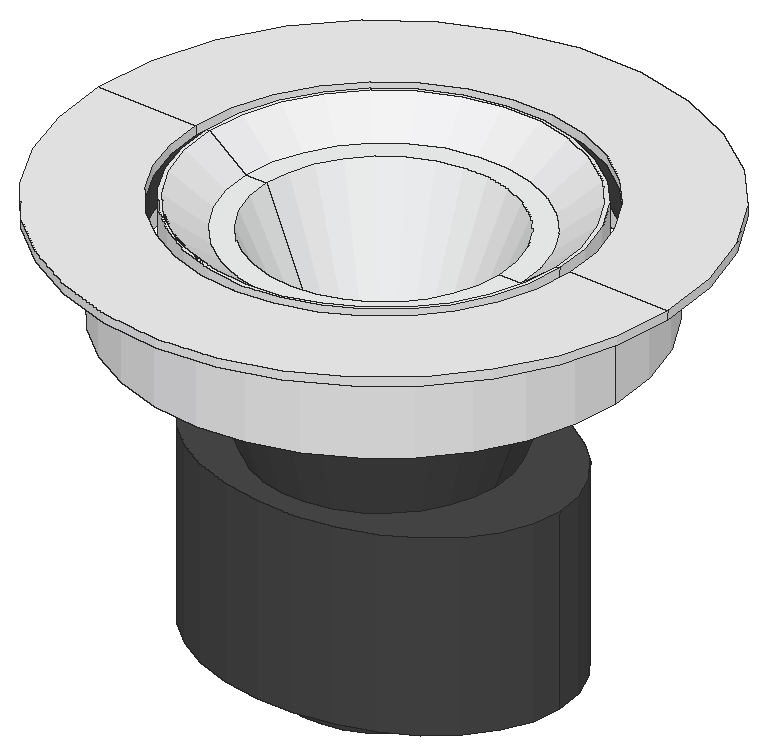
Revit family "2070024", category Lighting Fixtures, host Face, Revit 2018
Family settings
  Host = Face
  Round Connector Dimension = Use Diameter
  Part Type = Normal
  OmniClass Number = 23.80.70.11.17
  OmniClass Title = Specialized Lighting by Location or Use
  Cut with Voids When Loaded = No
  Light Source = No
  Shared = No
  Room Calculation Point = No
Parameters (values of type "EXPOSPOT 70 ADJ 90 4K WB WHT")
  Weight = 0.52 kg  # constant formula
  Total Power Consumption = 20.9996 W
  Reflector Material = Aluminum_Sylvania_Expospot_Polished
  Radius = Diameter / 2  # 68.5 mm
  Product Code = "0060248"
  Photometric Web File = IES_Expospot_70_Adjustable : 0060248
  Photobiological Risk Group = "RG1"  # constant formula
  Nominal Frequency = "50/60Hz"  # constant formula
  Mounting Outer Radius = Head Radius + 3.0 mm  # 45.5 mm
  Max. Luminaires per 20A C Breaker = "70"  # constant formula
  Max. Luminaires per 20A B Breaker = "42"  # constant formula
  Max. Luminaires per 16A C Breaker = "51"  # constant formula
  Max. Luminaires per 16A B Breaker = "31"  # constant formula
  Max. Luminaires per 13A C Breaker = "41"  # constant formula
  Max. Luminaires per 13A B Breaker = "25"  # constant formula
  Max. Luminaires per 10A C Breaker = "31"  # constant formula
  Max. Luminaires per 10A B Breaker = "19"  # constant formula
  Light Loss Factor = 1  # constant formula
  Lamp Power Factor = 0.9  # constant formula
  LOR = "100%"  # constant formula
  Keynote = ""
  Inrush Duration = "139µs"  # constant formula
  Inrush Current = 28 A  # constant formula
  Initial Intensity = 1988 lm
  Initial Color = 4000 K
  IP Rating = "IP20"  # constant formula
  IK Rating = "IK02"  # constant formula
  Height = 103.0 mm  # constant formula
  Voltage Comments = "220-240V~"  # constant formula
  Voltage = 240 V  # constant formula
  URL = "http://www.sylvania-lighting.com/product/en-int/category/interior-lighting/accent-downlights/families/expospot-led/expospot-70-adjustable"
  Product Page URL = "http://www.sylvania-lighting.com/product/en-int/products/0060248"
  Product Family = "EXPOSPOT 70 ADJUSTABLE"  # constant formula
  Head Radius = Radius - 26.0 mm  # 42.5 mm
  Head Diameter = Head Radius * 2  # 85.0 mm
  Head Angle [instance] = 0°
  Glow Wire Test = 850 °C  # constant formula
  Electrical Protection = "Class II"  # constant formula
  Drive Current = "500mA"  # constant formula
  Dimmable = "N"  # constant formula
  Diffuser Material = Acrylic_Sylvania_Expospot_4000K
  Diameter = 137.0 mm  # constant formula
  Cutout Diameter = Diameter - 11.0 mm  # 126.0 mm
  Created by URL = "http://all1studio.com/"
  Created by = "All 1 Studio Ltd. "  # constant formula
  Control Gear Type = "Electronic"  # constant formula
  Control Gear Required = "No"  # constant formula
  Control Gear Mounting = "Remote"  # constant formula
  Colour Variation Initial = "3SDCM"  # constant formula
  built-in parameter 1114216 [instance] = 1 (stored number, unit not read)
  Model = "EXPOSPOT 70 ADJ 90 4K WB WHT"
  Manufacturer = "Feilo Sylvania"  # constant formula
  Lamp = "LED"  # constant formula
  CRI = "90Ra"
  Body Material = Aluminum_Sylvania_Expospot_White
  Description = "Specifically designed for Retail and Display applications. I.e. Supermarkets Fashion Retail Department stores. Build around a 70mm reflector and lens combination."  # constant formula
  Default Elevation = 0.0 mm
  built-in parameter 1140040 [instance] = 1
  Beam Angle = 52°
  Average Life = "50 000h"  # constant formula
  Assembly Code = "D5020200"
  Apparent Load Comments = ""
  Apparent Load = 20.9996 VA
  Body Secondary Material = Plastic_Sylvania_Expospot_Black
Types (12, lengths in mm): name | Product Code | Photometric Web File | Keynote | Initial Intensity | Initial Color | URL | Product Page URL | Diffuser Material | Model | CRI | Beam Angle | Apparent Load
  EXPOSPOT 70 ADJ 90 4K WB WHT | "0060248" | IES_Expospot_70_Adjustable : 0060248 | "" | 1988 lm | 4000 K | "http://www.sylvania-lighting.com/product/en-int/category/interior-lighting/accent-downlights/families/expospot-led/expospot-70-adjustable" | "http://www.sylvania-lighting.com/product/en-int/products/0060248" | Acrylic_Sylvania_Expospot_4000K | "EXPOSPOT 70 ADJ 90 4K WB WHT" | "90Ra" | 52° | 20.9996 VA
  EXPOSPOT 70 ADJ 90 4K MB WHT | "0060247" | IES_Expospot_70_Adjustable : 0060247 | "" | 1964 lm | 4000 K | "http://www.sylvania-lighting.com/product/en-int/category/interior-lighting/accent-downlights/families/expospot-led/expospot-70-adjustable" | "http://www.sylvania-lighting.com/product/en-int/products/0060247" | Acrylic_Sylvania_Expospot_4000K | "EXPOSPOT 70 ADJ 90 4K MB WHT" | "90Ra" | 42° | 20.9996 VA
  EXPOSPOT 70 ADJ 90 4K NB WHT | "0060246" | IES_Expospot_70_Adjustable : 0060246 | "" | 1751 lm | 4000 K | "http://www.sylvania-lighting.com/product/en-int/category/interior-lighting/accent-downlights/families/expospot-led/expospot-70-adjustable" | "http://www.sylvania-lighting.com/product/en-int/products/0060246" | Acrylic_Sylvania_Expospot_4000K | "EXPOSPOT 70 ADJ 90 4K NB WHT" | "90Ra" | 24° | 20.9996 VA
  EXPOSPOT 70 ADJ 90 3K WB WHT | "0060245" | IES_Expospot_70_Adjustable : 0060245 | "" | 1815 lm | 3000 K | "http://www.sylvania-lighting.com/product/en-int/category/interior-lighting/accent-downlights/families/expospot-led/expospot-70-adjustable" | "http://www.sylvania-lighting.com/product/en-int/products/0060245" | Acrylic_Sylvania_Expospot_3000K | "EXPOSPOT 70 ADJ 90 3K WB WHT" | "90Ra" | 53° | 20.9996 VA
  EXPOSPOT 70 ADJ 90 3K MB WHT | "0060244" | IES_Expospot_70_Adjustable : 0060244 | "" | 1793 lm | 3000 K | "http://www.sylvania-lighting.com/product/en-int/category/interior-lighting/accent-downlights/families/expospot-led/expospot-70-adjustable" | "http://www.sylvania-lighting.com/product/en-int/products/0060244" | Acrylic_Sylvania_Expospot_3000K | "EXPOSPOT 70 ADJ 90 3K MB WHT" | "90Ra" | 42° | 20.9996 VA
  EXPOSPOT 70 ADJ 90 3K NB WHT | "0060243" | IES_Expospot_70_Adjustable : 0060243 | "" | 1769 lm | 3000 K | "http://www.sylvania-lighting.com/product/en-int/category/interior-lighting/accent-downlights/families/expospot-led/expospot-70-adjustable" | "http://www.sylvania-lighting.com/product/en-int/products/0060243" | Acrylic_Sylvania_Expospot_3000K | "EXPOSPOT 70 ADJ 90 3K NB WHT" | "90Ra" | 25° | 20.9996 VA
  EXPOSPOT 70 ADJ 80 4K WB WHT | "0060242" | IES_Expospot_70_Adjustable : 0060242 | "" | 1987 lm | 4000 K | "http://www.sylvania-lighting.com/product/en-int/category/interior-lighting/accent-downlights/families/expospot-led/expospot-70-adjustable" | "http://www.sylvania-lighting.com/product/en-int/products/0060242" | Acrylic_Sylvania_Expospot_4000K | "EXPOSPOT 70 ADJ 80 4K WB WHT" | "80Ra" | 54° | 20.9996 VA
  EXPOSPOT 70 ADJ 80 4K MB WHT | "0060241" | IES_Expospot_70_Adjustable : 0060241 | "" | 2224 lm | 4000 K | "http://www.sylvania-lighting.com/product/en-int/category/interior-lighting/accent-downlights/families/expospot-led/expospot-70-adjustable" | "http://www.sylvania-lighting.com/product/en-int/products/0060241" | Acrylic_Sylvania_Expospot_4000K | "EXPOSPOT 70 ADJ 80 4K MB WHT" | "80Ra" | 42° | 20.9996 VA
  EXPOSPOT 70 ADJ 80 4K NB WHT | "0060240" | IES_Expospot_70_Adjustable : 0060240 | "" | 2201 lm | 4000 K | "http://www.sylvania-lighting.com/product/en-int/category/interior-lighting/accent-downlights/families/expospot-led/expospot-70-adjustable" | "http://www.sylvania-lighting.com/product/en-int/products/0060240" | Acrylic_Sylvania_Expospot_4000K | "EXPOSPOT 70 ADJ 80 4K NB WHT" | "80Ra" | 25° | 20.9996 VA
  EXPOSPOT 70 ADJ 80 3K WB WHT | "0060239" | IES_Expospot_70_Adjustable : 0060239 | "" | 2082 lm | 3000 K | "http://www.sylvania-lighting.com/product/en-int/category/interior-lighting/accent-downlights/families/expospot-led/expospot-70-adjustable" | "http://www.sylvania-lighting.com/product/en-int/products/0060239" | Acrylic_Sylvania_Expospot_3000K | "EXPOSPOT 70 ADJ 80 3K WB WHT" | "80Ra" | 54° | 20.9996 VA
  EXPOSPOT 70 ADJ 80 3K NB WHT | "0060237" | IES_Expospot_70_Adjustable : 0060237 | "" | 2149 lm | 3000 K | "http://www.sylvania-lighting.com/product/en-int/category/interior-lighting/accent-downlights/families/expospot-led/expospot-70-adjustable" | "http://www.sylvania-lighting.com/product/en-int/products/0060237" | Acrylic_Sylvania_Expospot_3000K | "EXPOSPOT 70 ADJ 80 3K NB WHT" | "80Ra" | 43° | 20.9996 VA
  2070024 EXPOSPOT 70 ADJ RA90 4000K NB WHITE | "0060238" | IES_Expospot_70_Adjustable : 0060246 | "n/a" | 2152 lm | 3000 K | "0.9" | "http://www.sylvania-lighting.com/product/en-int/products/0060238" | Acrylic_Sylvania_Expospot_3000K | "EXPOSPOT 70 ADJUSTABLE RA90 4000K NB WHITE" | "80Ra" | 43° | 21 VA
Reference planes
  plane 1 "Center (Front/Back)": y = 0
  plane 2: z = 0
  plane 3 "Center (Left/Right)": x = -7.423
  plane 4: z = 2
  plane 5: z = -22.5
  plane 6: x = -75.923
  plane 7: z = -5
Forms (mm)
  Revolve 1, solid, material "Aluminum_Sylvania_Expospot_White" <- "Body Material", detail levels fine
    sketch origin (0, 0, 0) x (1, 0, 0) y (0, 0, 1)
      loop
        line (-75.923, 2) -> (-75.923, 0) -> (-63.423, 0) -> (-63.423, -22.5) -> (-61.423, -22.5) -> (-61.423, 0) -> (-52.423, 0) -> (-52.423, 2) -> (-75.923, 2)
      axis (-7.423, 2) -> (-7.423, -22.5)
    angle from 0 to 360
  Revolve 2, solid, material "Plastic_Sylvania_Expospot_Black" <- "Body Secondary Material", detail levels fine
    sketch origin (0, 0, 0) x (1, 0, 0) y (0, 0, 1)
      loop
        line (-61.423, 0) -> (-61.423, -1.5) -> (-54.423, -1.5) -> (-54.423, -8.5) -> (-52.923, -8.5) -> (-52.923, 0) -> (-61.423, 0)
      axis (-7.423, 0) -> (-7.423, -8.5)
    angle from 0 to 360
  Extrusion 3, void
    sketch origin (0, 0, 0) x (1, 0, 0) y (0, 1, 0)
      loop
        circle (-7.423, 0) r 63
    from -116.997 to 69.443
  Extrusion 4, solid, material "Aluminum_Sylvania_Expospot_White" <- "Body Material", detail levels fine
    sketch origin (-7.423, 0, 0) x (0, 1, 0) y (0, 0, 1)
      loop
        circle (0, -5) r 3.5
    from 42.5 <- "Head Radius" to 45.5 <- "Mounting Outer Radius"
  Extrusion 5, solid, material "Aluminum_Sylvania_Expospot_White" <- "Body Material", detail levels fine
    sketch origin (-7.423, 0, 0) x (0, 1, 0) y (0, 0, -1)
      loop
        circle (0, 5) r 3.5
    from 42.5 <- "Head Radius" to 45.5 <- "Mounting Outer Radius"
  Revolve 6, solid, material "Aluminum_Sylvania_Expospot_White" <- "Body Material", detail levels coarse+medium
    sketch origin (0, 0, 0) x (1, 0, 0) y (0, 0, 1)
      loop
        line (-75.923, 2) -> (-75.923, 0) -> (-63.423, 0) -> (-63.423, -22.5) -> (-61.423, -22.5) -> (-61.423, -8.5) -> (-52.423, -8.5) -> (-52.423, 2) -> (-75.923, 2)
      axis (-7.423, 2) -> (-7.423, -22.5)
    angle from 0 to 360
Lines and regions (mm)
  Masking region 1
    outline origin (0, 0, 0) x (1, 0, 0) y (0, 1, 0)
      loop
        circle (-7.423, 0) r 68.5
  reference lines
    curve 1: line (-7.423, 0, -5) -> (-7.423, 0, -60)
  symbolic lines, detail levels fine
    curve 2: arc (-52.423, 0, 0) -> (-7.423, 45, 0) -> (37.577, 0, 0) r 45
    curve 3: arc (37.577, 0, 0) -> (-7.423, -45, 0) -> (-52.423, 0, 0) r 45
Dimensions and locks
  plane 4 to plane 2 to plane 7 to plane 5 = 2.0 mm locked, 5.0 mm locked, 17.5 mm locked
  "Radius": plane 6 to plane 3 "Center (Left/Right)"
  "Cutout Diameter": diameter of Extrusion 3 sketch curve
  "Head Angle": angle plane 1 "Center (Front/Back)" to curve 1
  aligned and locked: host face to plane 2
  aligned and locked: host face to level
  aligned and locked: plane 6 to Revolve 1 sketch curve
  aligned and locked: Revolve 1 sketch curve to plane 3 "Center (Left/Right)"
  aligned and locked: plane 1 "Center (Front/Back)" to curve 1
  aligned and locked: plane 7 to curve 1
  aligned and locked: plane 6 to Revolve 6 sketch curve
Automatic sketch dimensions
  host sketch curve to host sketch curve = 1412.252 mm
  host sketch curve to host sketch curve = 1359.6 mm
  Revolve 1 sketch curve to level = 0.0 mm  (x2)
  Revolve 1 sketch curve to plane 5 = 0.0 mm
  Revolve 1 sketch curve to plane 4 = 0.0 mm
  Revolve 1 sketch curve to Revolve 1 sketch curve = 12.5 mm
  Revolve 1 sketch curve to Revolve 1 sketch curve = 2.0 mm
  Revolve 1 sketch curve to Revolve 1 sketch curve = 9.0 mm
  Revolve 1 sketch curve to plane 5 = 349.774 mm
  plane 4 to Revolve 1 sketch curve = 1145.706 mm
  Revolve 2 sketch curve to level = 0.0 mm
  Revolve 2 sketch curve to plane 3 "Center (Left/Right)" = 0.0 mm
  Revolve 2 sketch curve to plane 6 = 23.0 mm
  Revolve 2 sketch curve to Revolve 2 sketch curve = 1.5 mm
  Revolve 2 sketch curve to level = 1.5 mm
  Revolve 2 sketch curve to Revolve 2 sketch curve = 7.0 mm
  Revolve 2 sketch curve to plane 7 = 3.5 mm
  Revolve 2 sketch curve to plane 5 = 349.774 mm
  plane 4 to Revolve 2 sketch curve = 1145.706 mm
  plane 1 "Center (Front/Back)" to Extrusion 3 sketch curve = 0.0 mm
  Extrusion 3 sketch curve to plane 3 "Center (Left/Right)" = 0.0 mm
  Extrusion 4 sketch curve to plane 1 "Center (Front/Back)" = 0.0 mm
  Extrusion 4 sketch curve to plane 7 = 0.0 mm
  Extrusion 5 sketch curve to plane 1 "Center (Front/Back)" = 0.0 mm
  Extrusion 5 sketch curve to plane 7 = 0.0 mm
  Revolve 6 sketch curve to level = 0.0 mm
  Revolve 6 sketch curve to plane 5 = 0.0 mm
  Revolve 6 sketch curve to plane 4 = 0.0 mm
  Revolve 6 sketch curve to plane 3 "Center (Left/Right)" = 0.0 mm
  Revolve 6 sketch curve to plane 6 = 12.5 mm
  Revolve 6 sketch curve to plane 7 = 3.5 mm
  Revolve 6 sketch curve to Revolve 6 sketch curve = 9.0 mm
  Revolve 6 sketch curve to plane 5 = 349.774 mm
  plane 4 to Revolve 6 sketch curve = 1145.706 mm
  Revolve 6 sketch curve to Revolve 6 sketch curve = 2.0 mm
  Masking region 1 sketch curve to Masking region 1 sketch curve = 0.0 mm  (x2)
  plane 1 "Center (Front/Back)" to Masking region 1 sketch curve = 0.0 mm
  Masking region 1 sketch curve to plane 6 = 0.0 mm
  Masking region 1 sketch curve to plane 3 "Center (Left/Right)" = 0.0 mm
  curve 2 to curve 3 = 0.0 mm  (x2)
  plane 1 "Center (Front/Back)" to curve 2 = 0.0 mm
  curve 3 to plane 3 "Center (Left/Right)" = 0.0 mm
  curve 3 to plane 6 = 23.5 mm
  radius of Extrusion 4 sketch curve = 3.5 mm
  radius of Extrusion 5 sketch curve = 3.5 mm
Nested families
  nested 1: "Head_Expospot 70" at (-7.423, 0, 2), type "Head_Expospot 70"
  nested 2: "IES_Expospot_70_Adjustable" at (-7.423, 0, 2), type <- "Photometric Web File", type "0060248"
Connectors
  electrical at (-7.423, 0, -101), driven by "Voltage", driven by "Apparent Load", driven by "Lamp Power Factor"
    settings: on nested 1, index 1, voltage 240 V, apparent load 0 VA, apparent load phase1 20.9996 VA, apparent load phase2 0 VA, apparent load phase3 0 VA, power factor 0.9, load classification "Lighting", number of poles 1, system type 31, power factor state 1, is connector primary yes, connector utility no, sub classification motor no, connector description ""
Definition of nested family "Head_Expospot 70"
  Parameters (values of type "Head_Expospot 70")
    Reflector Material = none
    Radius = 42.5 mm
    Height = 103.0 mm
    Diffuser Material = none
    Default Elevation = 0.0 mm
    Cooling Y Axis = Radius - 10.0 mm  # 32.5 mm
    Cooling X Axis = Radius  # 42.5 mm
    Body Secondary Material = none
    Body Material = none
  Reference planes
    plane 1 "Center (Front/Back)": y = 0
    plane 2: z = 0
    plane 3 "Center (Left/Right)": x = 0
    plane 4: z = -47.5
    plane 5: z = -6.5
    plane 6 "Fixture Radius": x = -42.5
    plane 7: z = -52.5
    plane 8: z = -95
    plane 9: z = -103
    plane 10: z = -28
    plane 11 "Diffuser Radius": x = -10.5
  Forms (mm)
    Revolve 1, solid, material <- "Body Material", detail levels fine
      sketch origin (0, 0, 0) x (1, 0, 0) y (0, 0, 1)
        loop
          line (-42.5, 0) -> (-42.5, -28) -> (-40.5, -28) -> (-40.5, -3.393) -> (-36.342, -6.5) -> (-33, -6.5) -> (-41.7, 0) -> (-42.5, 0)
        axis (0, 0) -> (0, -28)
      angle from 0 to 360
    Revolve 2, solid, material <- "Reflector Material", detail levels fine
      sketch origin (0, 0, 0) x (1, 0, 0) y (0, 0, 1)
        loop
          line (-35, -6.5) -> (-35, -8.5) -> (-29.321, -8.5) -> (-12.675, -47.5) -> (-10.5, -47.5) -> (-28, -6.5) -> (-35, -6.5)
        axis (0, -6.5) -> (0, -47.5)
      angle from 0 to 360
    Revolve 3, solid, material <- "Body Secondary Material", detail levels fine
      sketch origin (0, 0, 0) x (1, 0, 0) y (0, 0, 1)
        loop
          line (-40.5, -17.5) -> (-40.5, -28) -> (-36.5, -28) -> (-27.095, -52.5) -> (0, -52.5) -> (0, -51.5) -> (-10.5, -51.5) -> (-10.5, -47.5) -> (-27.944, -47.5) -> (-35.813, -27) -> (-39.5, -27) -> (-39.5, -17.5) -> (-40.5, -17.5)
        axis (0, -17.5) -> (0, -52.5)
      angle from 0 to 360
    Revolve 4, solid, material <- "Body Secondary Material", detail levels fine
      sketch origin (0, 0, 0) x (1, 0, 0) y (0, 0, 1)
        loop
          line (-23.5, -95) -> (-23.5, -97) -> (-21.5, -103) -> (0, -103) -> (0, -95) -> (-23.5, -95)
        axis (0, -95) -> (0, -103)
      angle from 0 to 360
    Extrusion 5, solid, material <- "Body Secondary Material", detail levels fine
      sketch origin (0, 0, 0) x (1, 0, 0) y (0, 1, 0)
        loop
          spline (42.5, 0) -> (41.052, 8.412) -> (36.806, 16.25) -> (30.052, 22.981) -> (21.25, 28.146) -> (11, 31.393) -> (0, 32.5) -> (-11, 31.393) -> (-21.25, 28.146) -> (-30.052, 22.981) -> (-36.806, 16.25) -> (-41.052, 8.412) -> (-42.5, 0)
          spline (-42.5, 0) -> (-41.052, -8.412) -> (-36.806, -16.25) -> (-30.052, -22.981) -> (-21.25, -28.146) -> (-11, -31.393) -> (0, -32.5) -> (11, -31.393) -> (21.25, -28.146) -> (30.052, -22.981) -> (36.806, -16.25) -> (41.052, -8.412) -> (42.5, 0)
      from -95 to -52.5
    Extrusion 6, solid, material <- "Body Material", detail levels coarse+medium
      sketch origin (0, 0, 0) x (1, 0, 0) y (0, 1, 0)
        loop
          circle (0, 0) r 42.5
      from -103 to 0
    Revolve 7, solid, material <- "Diffuser Material", detail levels fine
      sketch origin (0, 0, 0) x (1, 0, 0) y (0, 0, 1)
        loop
          line (-10.5, -47.5) -> (-10.5, -51.5) -> (0, -51.5) -> (0, -47.5) -> (-10.5, -47.5)
        axis (0, -47.5) -> (0, -51.5)
      angle from 0 to 360
  Dimensions and locks
    "Radius": plane 3 "Center (Left/Right)" to plane 6 "Fixture Radius"
    locked: Revolve 4 sketch curve to plane 6 "Fixture Radius" at 19
    "Cooling Y Axis": plane 1 "Center (Front/Back)" to Extrusion 5 sketch curve
    "Cooling X Axis": Extrusion 5 sketch curve to plane 3 "Center (Left/Right)"
    locked: plane 11 "Diffuser Radius" to plane 6 "Fixture Radius" at 32
    plane 2 to plane 5 to plane 10 to plane 4 to plane 7 = 6.5 mm locked, 21.5 mm locked, 19.5 mm locked, 5.0 mm locked
    locked: plane 8 to plane 9 at 8
    "Height": plane 2 to plane 9
    "Radius": radius of Extrusion 6 sketch curve
    aligned and locked: level to plane 2
    aligned and locked: Revolve 1 sketch curve to plane 6 "Fixture Radius"
    aligned and locked: Extrusion 5 to plane 8
    aligned and locked: plane 7 to Extrusion 5
    aligned and locked: Extrusion 6 to plane 9
    aligned and locked: plane 2 to Extrusion 6
    aligned and locked: Revolve 1 sketch curve to plane 10
    aligned and locked: plane 11 "Diffuser Radius" to Revolve 7 sketch curve
    aligned and locked: plane 11 "Diffuser Radius" to Revolve 3 sketch curve
  Automatic sketch dimensions
    Revolve 4 sketch curve to plane 8 = 0.0 mm
    Revolve 4 sketch curve to plane 9 = 0.0 mm
    Revolve 4 sketch curve to plane 3 "Center (Left/Right)" = 0.0 mm  (x2)
    Revolve 4 sketch curve to plane 8 = 2.0 mm
    Revolve 4 sketch curve to Revolve 4 sketch curve = 2.0 mm
    Revolve 4 sketch curve to plane 9 = 265.545 mm
    level to Revolve 4 sketch curve = 2214.315 mm
    Revolve 1 sketch curve to level = 0.0 mm
    Revolve 1 sketch curve to plane 5 = 0.0 mm
    Revolve 1 sketch curve to plane 3 "Center (Left/Right)" = 0.0 mm
    Revolve 1 sketch curve to Revolve 1 sketch curve = 0.8 mm
    plane 6 "Fixture Radius" to Revolve 1 sketch curve = 2.0 mm
    plane 5 to Revolve 1 sketch curve = 3.107 mm
    Revolve 1 sketch curve to Revolve 1 sketch curve = 3.342 mm
    Revolve 1 sketch curve to Revolve 1 sketch curve = 7.5 mm
    Revolve 1 sketch curve to plane 9 = 288.545 mm
    level to Revolve 1 sketch curve = 2214.315 mm
    Revolve 7 sketch curve to plane 3 "Center (Left/Right)" = 0.0 mm  (x2)
    Revolve 7 sketch curve to plane 4 = 0.0 mm
    plane 7 to Revolve 7 sketch curve = 1.0 mm
    Revolve 3 sketch curve to plane 10 = 0.0 mm
    Revolve 3 sketch curve to plane 4 = 0.0 mm
    Revolve 3 sketch curve to plane 3 "Center (Left/Right)" = 0.0 mm  (x2)
    Revolve 3 sketch curve to plane 7 = 0.0 mm
    Revolve 3 sketch curve to Revolve 3 sketch curve = 0.848 mm
    plane 10 to Revolve 3 sketch curve = 1.0 mm
    plane 6 "Fixture Radius" to Revolve 3 sketch curve = 6.687 mm
    Revolve 3 sketch curve to Revolve 3 sketch curve = 0.687 mm
    plane 6 "Fixture Radius" to Revolve 3 sketch curve = 3.0 mm
    Revolve 3 sketch curve to Revolve 3 sketch curve = 1.0 mm
    Revolve 3 sketch curve to Revolve 3 sketch curve = 9.5 mm
    Revolve 3 sketch curve to plane 9 = 265.545 mm
    plane 7 to Revolve 3 sketch curve = 1.0 mm
    level to Revolve 3 sketch curve = 2214.315 mm
    plane 6 "Fixture Radius" to Revolve 3 sketch curve = 14.556 mm
    Revolve 7 sketch curve to plane 9 = 265.545 mm
    level to Revolve 7 sketch curve = 2214.315 mm
    Revolve 2 sketch curve to plane 5 = 0.0 mm
    plane 11 "Diffuser Radius" to Revolve 2 sketch curve = 0.0 mm
    Revolve 2 sketch curve to plane 3 "Center (Left/Right)" = 0.0 mm
    Revolve 2 sketch curve to Revolve 2 sketch curve = 7.0 mm
    Revolve 2 sketch curve to plane 9 = 288.545 mm
    level to Revolve 2 sketch curve = 2214.315 mm
    Revolve 2 sketch curve to plane 5 = 2.0 mm
    Revolve 2 sketch curve to plane 4 = 0.0 mm
    plane 11 "Diffuser Radius" to Revolve 2 sketch curve = 2.175 mm
    Revolve 2 sketch curve to Revolve 2 sketch curve = 1.321 mm
    plane 6 "Fixture Radius" to Revolve 2 sketch curve = 14.5 mm
    plane 1 "Center (Front/Back)" to Extrusion 5 sketch curve = 0.0 mm
    Extrusion 5 sketch curve to plane 3 "Center (Left/Right)" = 0.0 mm
    plane 1 "Center (Front/Back)" to Extrusion 6 sketch curve = 0.0 mm
    Extrusion 6 sketch curve to plane 3 "Center (Left/Right)" = 0.0 mm
Definition of nested family "IES_Expospot_70_Adjustable"
  Parameters (values of type "0060237")
    Wattage = 21.0007 W
    built-in parameter 1150110 = 1 (stored number, unit not read)
    Total Power Consumption = 20.9996 W
    built-in parameter 1114217 = 1 (stored number, unit not read)
    Tilt Angle = -90°
    built-in parameter 1150109 = 1 (stored number, unit not read)
    built-in parameter 1150134 = (empty or 0)
    built-in parameter 1150113 = 1 (stored number, unit not read)
    Photometric Web File = "0060237.ies"
    built-in parameter 1150105 = 171.01 (stored number, unit not read)
    Lumens = 2149 lm
    built-in parameter 1150115 = 1 (stored number, unit not read)
    built-in parameter 1150137 = (empty or 0)
    built-in parameter 1150139 = (empty or 0)
    built-in parameter 1150112 = 1 (stored number, unit not read)
    built-in parameter 1150114 = 1 (stored number, unit not read)
    built-in parameter 1150132 = 2
    built-in parameter 1150102 = (empty or 0)
    built-in parameter 1150107 = 3000 (stored number, unit not read)
    built-in parameter 1150138 = (empty or 0)
    built-in parameter 1150106 = 1.7101 (stored number, unit not read)
    Emit from Circle Diameter = 85.0 mm
    Emit Shape Visible in Rendering = no
    built-in parameter 1150104 = 9.5068 (stored number, unit not read)
    Dimming Lamp Color Temperature Shift = (empty or 0)
    Default Elevation = 0.0 mm
    Color Filter = 16777215
    built-in parameter 1114218 = 1 (stored number, unit not read)
    built-in parameter 1150133 = 10 (stored number, unit not read)
    Apparent Load = 20.9996 VA
  Types (12, lengths in mm): name | Wattage | built-in parameter 1150134 | Photometric Web File | built-in parameter 1150105 | Lumens | built-in parameter 1150107 | built-in parameter 1150106 | built-in parameter 1150104
    0060248 | 20.9996 W | 12 | "0060248.ies" | 158.2 (stored number, unit not read) | 1988 lm | 4000 (stored number, unit not read) | 1.582 (stored number, unit not read) | 8.795 (stored number, unit not read)
    0060247 | 20.9996 W | 12 | "0060247.ies" | 156.29 (stored number, unit not read) | 1964 lm | 4000 (stored number, unit not read) | 1.5629 (stored number, unit not read) | 8.6888 (stored number, unit not read)
    0060246 | 20.9996 W | 12 | "0060246.ies" | 139.34 (stored number, unit not read) | 1751 lm | 4000 (stored number, unit not read) | 1.3934 (stored number, unit not read) | 7.7465 (stored number, unit not read)
    0060245 | 20.9996 W | (empty or 0) | "0060245.ies" | 144.43 (stored number, unit not read) | 1815 lm | 3000 (stored number, unit not read) | 1.4443 (stored number, unit not read) | 8.0296 (stored number, unit not read)
    0060244 | 20.9996 W | (empty or 0) | "0060244.ies" | 142.68 (stored number, unit not read) | 1793 lm | 3000 (stored number, unit not read) | 1.4268 (stored number, unit not read) | 7.9323 (stored number, unit not read)
    0060243 | 20.9996 W | (empty or 0) | "0060243.ies" | 140.77 (stored number, unit not read) | 1769 lm | 3000 (stored number, unit not read) | 1.4077 (stored number, unit not read) | 7.8261 (stored number, unit not read)
    0060242 | 20.9996 W | 12 | "0060242.ies" | 158.12 (stored number, unit not read) | 1987 lm | 4000 (stored number, unit not read) | 1.5812 (stored number, unit not read) | 8.7906 (stored number, unit not read)
    0060241 | 20.9996 W | 12 | "0060241.ies" | 176.98 (stored number, unit not read) | 2224 lm | 4000 (stored number, unit not read) | 1.7698 (stored number, unit not read) | 9.8391 (stored number, unit not read)
    0060240 | 20.9996 W | 12 | "0060240.ies" | 175.15 (stored number, unit not read) | 2201 lm | 4000 (stored number, unit not read) | 1.7515 (stored number, unit not read) | 9.7373 (stored number, unit not read)
    0060239 | 20.9996 W | (empty or 0) | "0060239.ies" | 165.68 (stored number, unit not read) | 2082 lm | 3000 (stored number, unit not read) | 1.6568 (stored number, unit not read) | 9.2109 (stored number, unit not read)
    0060238 | 20.9996 W | (empty or 0) | "0060238.ies" | 171.25 (stored number, unit not read) | 2152 lm | 3000 (stored number, unit not read) | 1.7125 (stored number, unit not read) | 9.5206 (stored number, unit not read)
    0060237 | 21.0007 W | (empty or 0) | "0060237.ies" | 171.01 (stored number, unit not read) | 2149 lm | 3000 (stored number, unit not read) | 1.7101 (stored number, unit not read) | 9.5068 (stored number, unit not read)
  Reference planes
    plane 1 "Center (Front/Back)": y = 0
    plane 2: z = 0
    plane 3 "Center (Left/Right)": x = 0
  Dimensions and locks
    aligned and locked: level to plane 2
    aligned and locked: plane 3 "Center (Left/Right)" to imposter light
    aligned and locked: plane 1 "Center (Front/Back)" to imposter light
    aligned and locked: level to imposter light
